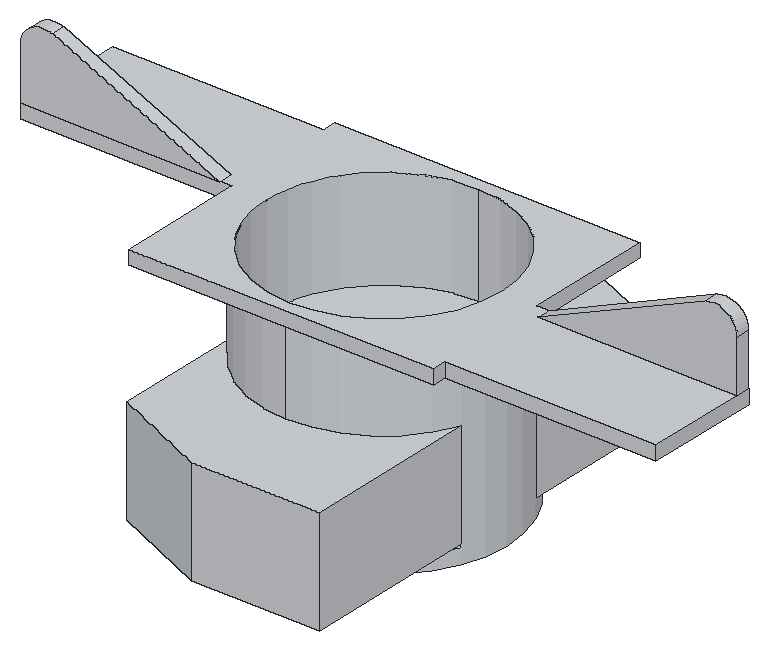
Revit family "Stex 45 MP, VA", category HLS-Bauteile, Revit 2017
Family settings
  Bemaßung runder Anschluss = Durchmesser verwenden
  Teiletyp = Normal
  Arbeitsebenenbasiert = Ja
  Immer vertikal = Nein
  Beim Laden mit Abzugskörper schneiden = Nein
  Gemeinsam genutzt = Ja
  Raumberechnungspunkt = Nein
Parameters (values of type "Stex 45 MP M10, V4A")
  Zahnplatte = Zahnplatte S, VA : Zahnplatte S M10, A4
  Default Elevation = 1219.2 mm
  Regelhalter [instance] = ""
  Gewicht pro Bauteil = Gewicht  # 0.00 kg
  Gewicht = 0.00 kg
  Artikelnummer = "0481601"
Types (4, lengths in mm): name | Zahnplatte | Artikelnummer
  (no name) | Zahnplatte S, VA : Zahnplatte S M10, A4 | "0481601"
  Stex 45 MP M 8, V4A | Zahnplatte S, VA : Zahnplatte S M 8, A4 | "0481600"
  Stex 45 MP M10, V4A | Zahnplatte S, VA : Zahnplatte S M10, A4 | "0481601"
  Stex 45 MP M12, V4A | Zahnplatte S, VA : Zahnplatte S M12, A4 | "0481602"
Reference planes
  plane 1 "Mitte (Vorne/hinten)": y = 0
  plane 2: z = 2
  plane 3 "Mitte (Links/rechts)": x = 0
Dimensions and locks
  aligned and locked: level to plane 2
Nested families
  nested 1: "Halteprofil Stex blau" at (0, 0, 2) x (0, 1, 0) z (0, 0, 1), type "Halteprofil Stex blau"
  nested 2: "Zahnplatte S, VA" at (0, 0, -5.4) x (1, 0, 0) z (0, 0, -1), type <- "Zahnplatte", type "Zahnplatte S M10, A4"
Definition of nested family "Halteprofil Stex blau"
  Parameters (values of type "Halteprofil Stex blau")
    Default Elevation = 1219.2 mm
    Regelhalter [instance] = ""
  Reference planes
    plane 1 "Mitte (Vorne/hinten)": y = 0
    plane 2: z = 0
    plane 3 "Mitte (Links/rechts)": x = 0
  Forms (mm)
    Extrusion 1, solid
      sketch origin (0, 0, 0) x (1, 0, 0) y (0, 1, 0)
        loop
          line (-1219.2, 1219.2) -> (-1219.2, -1219.2) -> (1219.2, -1219.2) -> (1219.2, 1219.2) -> (-1219.2, 1219.2)
      from 0 to -304.8
    Extrusion 2, solid
      sketch origin (0, 0.193, 0) x (1, 0, 0) y (0, 1, 0)
        loop
          line (0, -13.193) -> (11, -13.193) -> (11, 12.807) -> (9.8, 12.807) -> (9.8, 30.807) -> (0, 30.807) -> (0, 12.807) -> (-11, 12.807) -> (-11, -13.193) -> (-9.8, -13.193) -> (-9.8, -31.193) -> (0, -31.193) -> (0, -13.193)
        loop
          circle (0, -0.193) r 10
      from 1.2 to -18
    Extrusion 3, void
      sketch origin (0, 0, 0) x (0, 1, 0) y (0, 0, 1)
        loop
          line (-9.7, -7.4) -> (-9.7, -16.7) -> (9.7, -16.7) -> (9.7, -7.4) -> (-9.7, -7.4)
      from 15 to -15
    Extrusion 4, solid
      sketch origin (0, 0, 0) x (0, 1, 0) y (0, 0, 1)
        loop
          line (-31, 1.2) -> (-14, 1.2) -> (-28.337, 7.487)
          arc (-28.337, 7.487) -> (-30.156, 7.232) -> (-31, 5.6) r 2
          line (-31, 5.6) -> (-31, 1.2)
      from 0 to -1.2
    Extrusion 5, solid
      sketch origin (0, 0, 0) x (0, 1, 0) y (0, 0, 1)
        loop
          line (31, 1.2) -> (31, 5.6)
          arc (31, 5.6) -> (30.126, 7.253) -> (28.268, 7.461) r 2
          line (28.268, 7.461) -> (14, 1.2) -> (31, 1.2)
      from 0 to 1.2
    Revolve 6, void
      sketch origin (0, 0, 0) x (1, 0, 0) y (0, 0, 1)
        loop
          line (10.481, 0) -> (10.481, -18.348) -> (40.481, -18.348) -> (40.481, 0) -> (10.481, 0)
        axis (0, 0) -> (0, -18.348)
      angle from 0 to 360
    Extrusion 7, solid
      sketch origin (0, 0, 0) x (1, 0, 0) y (0, 1, 0)
        loop
          circle (0, 0) r 10
        loop
          circle (0, 0) r 7.5
      from -16.7 to -18
  Cuts and joins
    Extrusion 3, Revolve 6 cuts Extrusion 2
  Dimensions and locks
    aligned and locked: plane 2 to Extrusion 1
    aligned and locked: level to Extrusion 1
    aligned and locked: Extrusion 7 to cut or joined group of Extrusion 2, Extrusion 3, Revolve 6
Definition of nested family "Zahnplatte S, VA"
  Parameters (values of type "Zahnplatte S M 8, A4")
    d2 = 3.3 mm
    Default Elevation = 1219.2 mm
    S = 9 mm
    Regelhalter [instance] = ""
    Gewicht pro Bauteil = Gewicht  # 0.0413 kg
    Gewicht = 0.0413 kg
    B = 38 mm
    Artikelnummer = "0481615"
  Types (3, lengths in mm): name | d2 | Gewicht pro Bauteil | Gewicht | Artikelnummer
    Zahnplatte S M10, A4 | 4.2 | 0.0578 kg | 0.0578 kg | "0481616"
    Zahnplatte S M 8, A4 | 3.3 | 0.0413 kg | 0.0413 kg | "0481615"
    Zahnplatte S M12, A4 | 5.1 | 0.00 kg | 0.00 kg | "0481617"
  Reference planes
    plane 1 "Mitte (Vorne/hinten)": y = 0
    plane 2: z = 0
    plane 3 "Mitte (Links/rechts)": x = 0
    plane 4: z = 9
  Forms (mm)
    Extrusion 1, solid
      sketch origin (-17.5, 0, 0) x (1, 0, 0) y (0, 1, 0)
        loop
          line (18.7, 19) -> (7.8, 19) -> (7.8, -15.286) -> (16.3, -19) -> (27.2, -19) -> (27.2, 15.286) -> (18.7, 19)
      from 0 to 9
    Extrusion 2, void
      sketch origin (0, 0, 0) x (1, 0, 0) y (0, 1, 0)
        loop
          circle (0, 0) r 3.3
      from 0 to 250
  Cuts and joins
    Extrusion 2 cuts Extrusion 1
  Dimensions and locks
    "B": Extrusion 1 sketch curve to Extrusion 1 sketch curve
    equal spacing: cut or joined group of Extrusion 1, Extrusion 2, plane 1 "Mitte (Vorne/hinten)", cut or joined group of Extrusion 1, Extrusion 2
    plane 4 to cut or joined group of Extrusion 1, Extrusion 2 = 9 mm
    "S": level to plane 4
    "d2": radius of Extrusion 2 sketch curve
    aligned and locked: level to plane 2
    aligned and locked: cut or joined group of Extrusion 1, Extrusion 2 to level
    aligned and locked: plane 4 to cut or joined group of Extrusion 1, Extrusion 2
  Automatic sketch dimensions
    Extrusion 1 sketch curve to plane 3 "Mitte (Links/rechts)" = 9.7 mm
    Extrusion 1 sketch curve to plane 3 "Mitte (Links/rechts)" = 1.2 mm
    plane 3 "Mitte (Links/rechts)" to Extrusion 1 sketch curve = 1.2 mm
    Extrusion 1 sketch curve to Extrusion 1 sketch curve = 8.5 mm
    plane 1 "Mitte (Vorne/hinten)" to Extrusion 1 sketch curve = 19 mm
    Extrusion 1 sketch curve to Extrusion 1 sketch curve = 3.714 mm  (x2)
    plane 1 "Mitte (Vorne/hinten)" to Extrusion 2 sketch curve = 0 mm
    Extrusion 2 sketch curve to plane 3 "Mitte (Links/rechts)" = 0 mm
